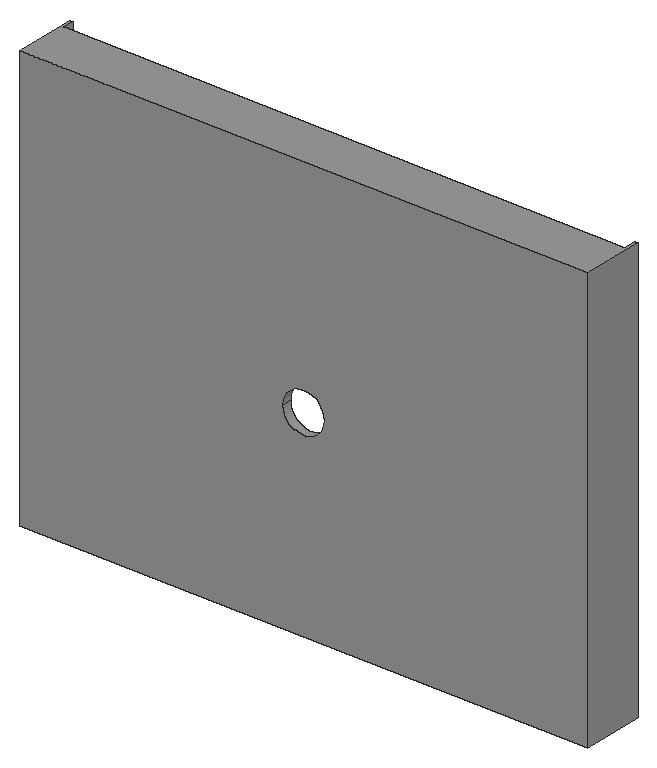
Revit family "Shower_Receptors-Willoughby-AS-S3648", category Plumbing Fixtures, Revit 2015
Parameters (values of type "36X48 (AS-S3648)")
  Width Half = Width / 2  # 2' - 0"
  Width = 4' - 0"
  Waste DIA = 3 1/2"
  Waste Connection = yes
  Vent Connection = no
  URL = "https://www.willoughby-ind.com/wp-content/uploads/2018/01/AS-S3636-48-60.pdf"
  Type Comments = ""
  Revision = "A"
  Model = "AS-S3648"
  Manufacturer = "Willoughby Industries"
  Height = 0' - 5 1/4"
  HW Connection = no
  Drain Distance = Width / 2  # 2' - 0"
  Description = "36x48 Shower Pan"
  Depth = 3' - 0"
  Default Elevation = 0' - 0"
  Contact Number = "(800) 428-4065"
  CW Connection = no
  Aquasurf Solid Surface = Solid Surface Acrylic Resin-Willoughby
Reference planes (in)
  plane 1 "Center (Front/Back)": y = 0
  plane 2: z = 0
  plane 3 "Center (Left/Right)": x = 0
  plane 4: y = 5.25
  plane 5: z = 36
  plane 6: x = 24
  plane 7: x = -24
  plane 8: z = 17
Forms (in)
  Extrusion 1, solid, material "Solid Surface Acrylic Resin-Willoughby" <- "Aquasurf Solid Surface"
    sketch origin (0, 0, 0) x (1, 0, 0) y (0, 0, 1)
      loop
        line (24, 0) -> (24, 36) -> (-24, 36) -> (-24, 0) -> (24, 0)
    from 0 to -5.25
  Extrusion 2, void, detail levels fine
    sketch origin (0, 0, 0) x (1, 0, 0) y (0, 0, 1)
      loop
        line (23.75, 36) -> (-23.75, 36) -> (-23.75, 0.25) -> (23.75, 0.25) -> (23.75, 36)
    from -5.25 to -4.25
  Extrusion 3, void, detail levels fine
    sketch origin (0, 0, 0) x (1, 0, 0) y (0, 0, 1)
      loop
        circle (0, 17) r 1.75
    from 0 to -4.25
  Extrusion 4, void, detail levels fine
    sketch origin (0, 0, 0) x (1, 0, 0) y (0, 0, 1)
      loop
        circle (0, 17) r 2.25
    from -0.75682 to -1
  Extrusion 5, void, detail levels fine
    sketch origin (0, 0, 0) x (1, 0, 0) y (0, 0, 1)
      loop
        arc (-20.75, 34) -> (-21.66753, 18.125) -> (-20.75, 2.25) r 137.79253
        line (-20.75, 2.25) -> (20.75, 2.25)
        arc (20.75, 2.25) -> (21.66753, 18.125) -> (20.75, 34) r 137.79253
        line (20.75, 34) -> (-20.75, 34)
    from -1 to -5.25
Cuts and joins
  Extrusion 2, Extrusion 3, Extrusion 4, Extrusion 5 cuts Extrusion 1
Lines and regions (in)
  symbolic lines
    curve 1: line (-24, 0, 0) -> (-24, 5.25, 0)
    curve 2: line (-24, 5.25, 0) -> (24, 5.25, 0)
    curve 3: line (24, 5.25, 0) -> (24, 0, 0)
    curve 4: line (24, 0, 0) -> (-24, 0, 0)
    curve 8: line (-24, 0, 0) -> (24, 0, 0)
    curve 9: line (24, 0, 0) -> (24, 0, 36)
    curve 10: line (24, 0, 36) -> (-24, 0, 36)
    curve 11: line (-24, 0, 36) -> (-24, 0, 0)
    curve 21: line (0, 5.25, 36) -> (0, 0, 36)
    curve 22: line (0, 0, 36) -> (0, 0, 0)
    curve 23: line (0, 0, 0) -> (0, 5.25, 0)
    curve 24: line (0, 5.25, 0) -> (0, 5.25, 36)
  symbolic lines, detail levels medium+fine
    curve 5: line (-23.75, 5.25, 0) -> (-23.75, 3.5, 0)
    curve 6: line (-23.75, 3.5, 0) -> (23.75, 3.5, 0)
    curve 7: line (23.75, 3.5, 0) -> (23.75, 5.25, 0)
    curve 12: line (-23.75, 0, 36) -> (-23.75, 0, 0.25)
    curve 13: line (-23.75, 0, 0.25) -> (23.75, 0, 0.25)
    curve 14: line (23.75, 0, 0.25) -> (23.75, 0, 36)
  symbolic lines, detail levels fine
    curve 15: line (20.75, 0, 34) -> (-20.75, 0, 34)
    curve 16: arc (-20.75, 0, 34) -> (-21.66753, 0, 18.125) -> (-20.75, 0, 2.25) r 137.79253
    curve 17: line (-20.75, 0, 2.25) -> (20.75, 0, 2.25)
    curve 18: arc (20.75, 0, 2.25) -> (21.66753, 0, 18.125) -> (20.75, 0, 34) r 137.79253
    curve 19: circle (0, 0, 17) r 1.75 normal (0, -1, 0)
    curve 20: circle (0, 0, 17) r 2.25 normal (0, -1, 0)
Dimensions and locks (in)
  "Height": plane 4 to plane 1 "Center (Front/Back)"
  plane 6 to plane 7 = 4' - 0"
  "Depth": level to plane 5
  locked: level to plane 8 at 17
  plane 7 to plane 6 = 4' - 0"
  "Height": plane 1 "Center (Front/Back)" to plane 4
  "Depth": plane 5 to level
  plane 3 "Center (Left/Right)" to plane 7 = 2' - 0"
  aligned and locked: plane 6 to Extrusion 1
  aligned and locked: Extrusion 1 to plane 7
  aligned and locked: Extrusion 1 to level
  aligned and locked: plane 5 to Extrusion 1
  aligned and locked: Extrusion 1 to plane 4
  aligned and locked: plane 1 "Center (Front/Back)" to Extrusion 1
  aligned and locked: plane 5 to Extrusion 2
  aligned and locked: Extrusion 2 to plane 4
  aligned and locked: plane 3 "Center (Left/Right)" to Extrusion 3 sketch curve
  aligned and locked: plane 8 to Extrusion 3 sketch curve
  aligned and locked: plane 8 to Extrusion 4 sketch curve
  aligned and locked: plane 3 "Center (Left/Right)" to Extrusion 4 sketch curve
  aligned and locked: Extrusion 5 to plane 4
  aligned and locked: Extrusion 5 to Extrusion 4
Automatic sketch dimensions
  level to Extrusion 1 sketch curve = 0' - 0"
  plane 7 to Extrusion 1 sketch curve = 0' - 0"
  Extrusion 1 sketch curve to plane 6 = 0' - 0"
  level to Extrusion 1 sketch curve = 3' - 0"
  plane 7 to Extrusion 2 sketch curve = 0' - 0 1/4"
  Extrusion 2 sketch curve to plane 6 = 0' - 0 1/4"
  level to Extrusion 2 sketch curve = 0' - 0 1/4"
  plane 5 to Extrusion 2 sketch curve = 0' - 0"
  Extrusion 5 sketch curve to plane 8 = 0' - 1 1/8"  (x2)
  Extrusion 5 sketch curve to plane 7 = 7' - 8 1/8"
  plane 7 to Extrusion 5 sketch curve = 0' - 3 1/4"
  Extrusion 5 sketch curve to plane 6 = 0' - 3 1/4"
  Extrusion 5 sketch curve to plane 5 = 0' - 2"
  plane 6 to Extrusion 5 sketch curve = 7' - 8 1/8"
  level to Extrusion 5 sketch curve = 0' - 2 1/4"
  plane 1 "Center (Front/Back)" to curve 1 = 0' - 0"
  curve 1 to plane 7 = 0' - 0"
  plane 4 to curve 5 = 0' - 0"
  curve 4 to plane 6 = 0' - 0"
  plane 7 to curve 6 = 0' - 0 1/4"
  curve 5 to curve 5 = 0' - 1 3/4"
  curve 6 to plane 6 = 0' - 0 1/4"
  curve 19 to curve 20 = 0' - 0"  (x2)
  curve 12 to plane 5 = 0' - 0"
  curve 19 to plane 3 "Center (Left/Right)" = 0' - 0"
  curve 19 to plane 8 = 0' - 0"
  curve 18 to plane 8 = 0' - 1 1/8"
  curve 18 to plane 7 = 7' - 8 1/8"
  plane 7 to curve 13 = 0' - 0 1/4"
  plane 7 to curve 17 = 0' - 3 1/4"
  curve 15 to plane 5 = 0' - 2"
  curve 12 to curve 15 = 0' - 3"
  curve 17 to plane 6 = 0' - 3 1/4"
  curve 14 to plane 6 = 0' - 0 1/4"
  plane 6 to curve 16 = 7' - 8 1/8"
  level to curve 13 = 0' - 0 1/4"
  curve 21 to plane 1 "Center (Front/Back)" = 0' - 0"
  curve 24 to level = 0' - 0"
  curve 24 to plane 4 = 0' - 0"
  curve 22 to plane 5 = 0' - 0"
  curve 8 to level = 0' - 0"
  curve 9 to plane 6 = 0' - 0"
  curve 15 to curve 14 = 0' - 3"
  curve 11 to plane 7 = 0' - 0"
  radius of Extrusion 3 sketch curve = 0' - 1 3/4"
  radius of Extrusion 4 sketch curve = 0' - 2 1/4"
  radius of curve 19 = 0' - 1 3/4"
  radius of curve 20 = 0' - 2 1/4"
Connectors (in)
  piping at (0, 0.75682, 17), diameter 3.5, driven by "Waste Connection", driven by "Waste DIA"
    settings: on cut or joined group of Extrusion 1, Extrusion 2, Extrusion 3, Extrusion 4, Extrusion 5, index 1, connector inside diameter 3 1/2", connector length 0' - 0", flow factor 0, pipe flow 0 GPM, pressure drop 0.00 psi, fitting loss kfactor 0, connector angle 0.00°, fixture units 0, engagement length 0' - 0", angle of deflection 0.00°, flow configuration 0, flow direction 2, fitting loss method 0, system type 16, joint type 0, gender type 0, connector reference index -1, connector utility 1, adjustable connector yes, is connector primary yes, connector description "Shower Drain"
